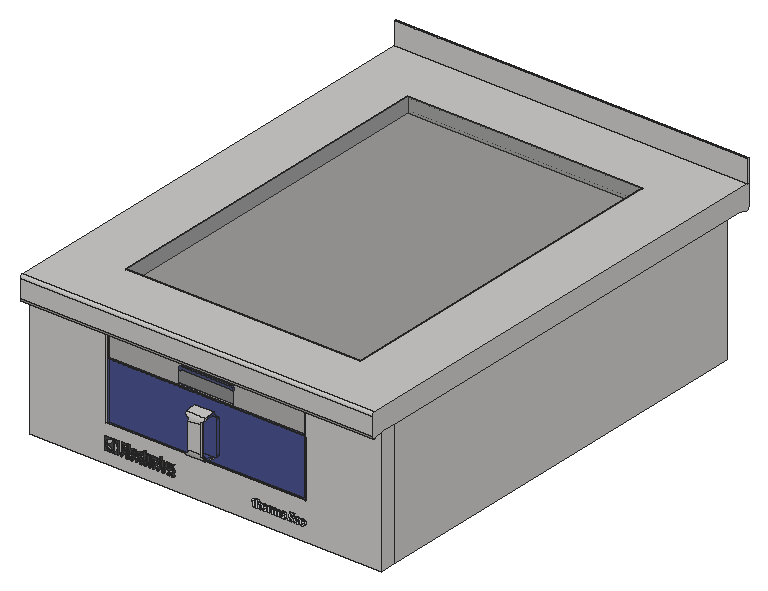
Revit family "QF_ELECTROLUXPROFESSIONAL_588337_MARAABFOBO", category Attrezzature speciali, Revit 2020
Family settings
  Quota connettore circolare = Usa diametro
  Tipo di parte = Normale
  Basato su piano di lavoro = No
  Sempre verticale = Sì
  Taglio con vuoti quando caricato = No
  Condiviso = No
  Punto di calcolo locali = No
Parameters (values of type "Standard")
  Weight = 30.00 kg
  Watts = 550 W
  Volts = 230 V
  URL Manufacturer = "https://www.electroluxprofessional.com/"
  URL = "https://www.electroluxprofessional.com/"
  Steam Supply Size = 0"
  Steam Supply Minimum Pressure = 0.00 psi
  Steam Supply Maximum Pressure = 0.00 psi
  Steam Consumption per Hour = 0
  Refrigeration Suction Line Size = 0 mm
  Refrigeration Liquid Line Size = 0 mm
  Refrigerant Compressor Remote = yes
  Prospetto di default = 0 mm
  Phase = 1
  Modello = "MARAABFOBO"
  Produttore = "Electrolux Professional"
  Length Actual = 600 mm  # constant formula
  Item Number = "588337"
  Hot Water Size = 0"
  Height Actual = 250 mm  # constant formula
  HP = "0.7 HP"
  Gas Size = 0"
  Gas KW = 0
  Gas Input Pressure = 0.0 Btu/h
  Direct Waste Size = 0"
  Descrizione = "EL.WARMING PLATE,1S,BS,600X800X250H"
  Depth Actual = 800 mm  # constant formula
  Cycle = 50 Hz
  Condensate Return Size = 0"
  Compressed Air Volume = 0 GPM
  Compressed Air Size = 0"
  Compressed Air Pressure = 0.00 psi
  Cold Water Size = 0"
  Accessory = yes
Reference planes
  plane 1 "BACK": y = 0
  plane 2: z = 0
  plane 3 "LEFT": x = 0
  plane 4 "RIGHT": x = 600
  plane 5 "FRONT": y = -800
  plane 6 "TOP": z = 900
  plane 7 "Center (Left/Right)": x = 300
  plane 8: y = -400
  plane 9: y = -150
  plane 10: x = 100
  plane 11: x = 500
  plane 12: y = -100
  plane 13: y = -700
  plane 14 "EIx": x = 555
  plane 15 "EIy": y = -585
  plane 16: z = 938
  plane 17 "BaseTop": z = 650
  plane 18: y = -755
Forms (mm)
  Extrusion 1, solid, material "QF_Finishes_Stainless Steel"
    sketch origin (-178.969, -4572, 100) x (-1, 0, 0) y (0, -1, 0)
      loop
        line (-178.969, -4527) -> (-178.969, -3817) -> (-778.969, -3817) -> (-778.969, -4527) -> (-178.969, -4527)
    from 550 to 762.969
  Extrusion 2, solid, material "QF_Finishes_Stainless Steel"
    sketch origin (0, 0, 650) x (-1, 0, 0) y (0, -1, 0)
      loop
        circle (-555, 585) r 6.35
    from 0 to -11.851
  Extrusion 3, solid, material "QF_Finishes_Stainless Steel"
    sketch origin (300, 296.4, 1219.2) x (0, 1, 0) y (0, 0, 1)
      loop
        line (-296.4, -319.2) -> (-1091.4, -319.2)
        arc (-1091.4, -319.2) -> (-1094.935, -320.664) -> (-1096.4, -324.2) r 5
        line (-1096.4, -324.2) -> (-1096.4, -355.2)
        arc (-1096.4, -355.2) -> (-1094.971, -358.264) -> (-1091.705, -359.139) r 4
        line (-1091.705, -359.139) -> (-1076.4, -356.231) -> (-316.4, -356.231) -> (-301.094, -359.139)
        arc (-301.094, -359.139) -> (-297.829, -358.264) -> (-296.4, -355.2) r 4
        line (-296.4, -355.2) -> (-296.4, -319.2)
    from -300 to 300
  Extrusion 4, solid, material "QF_Finishes_Electrolux_Black Smoke Iluminated"
    sketch origin (0, 0, 900) x (-1, 0, 0) y (0, -1, 0)
      loop
        line (-100, 100) -> (-100, 700) -> (-500, 700) -> (-500, 100) -> (-100, 100)
    from 1 to -20
  Extrusion 5, void
    sketch origin (0, 0, 900) x (-1, 0, 0) y (0, -1, 0)
      loop
        line (-100, 700) -> (-500, 700) -> (-500, 100) -> (-100, 100) -> (-100, 700)
    from 0 to -25
  Extrusion 6, solid, material "QF_Finishes_Stainless Steel"
    sketch origin (300, 296.4, 1219.2) x (0, 1, 0) y (0, 0, 1)
      loop
        line (-296.4, -319.2) -> (-296.4, -281.2) -> (-298.4, -281.2) -> (-298.4, -319.2) -> (-296.4, -319.2)
    from 300 to -300
Cuts and joins
  Extrusion 5 cuts Extrusion 3
Lines and regions (mm)
  symbolic lines
    curve 1: line (0, 0, 100) -> (600, 0, 100)
    curve 2: line (0, -800, 100) -> (0, 0, 100)
    curve 3: line (600, -800, 100) -> (0, -800, 100)
    curve 4: line (600, 0, 100) -> (600, -800, 100)
    curve 5: line (100, -700, 0) -> (500, -700, 0)
    curve 6: line (500, -700, 0) -> (500, -100, 0)
    curve 7: line (500, -100, 0) -> (100, -100, 0)
    curve 8: line (100, -100, 0) -> (100, -700, 0)
    curve 9: line (0, -2, 0) -> (1000, -2, 0)
Dimensions and locks
  plane 3 "LEFT" to plane 4 "RIGHT" = 600 mm
  locked: plane 5 "FRONT" to plane 1 "BACK" at 800
  equal spacing: plane 3 "LEFT", plane 7 "Center (Left/Right)", plane 4 "RIGHT"
  equal spacing: plane 5 "FRONT", plane 8, plane 1 "BACK"
  plane 6 "TOP" to level = 900 mm  (x2)
  plane 1 "BACK" to plane 9 = 150 mm
  plane 1 "BACK" to Extrusion 2 = 585 mm
  locked: plane 14 "EIx" to plane 4 "RIGHT" at 45
  locked: plane 15 "EIy" to plane 1 "BACK" at 585
  plane 16 to plane 6 "TOP" = 38 mm
  locked: plane 12 to plane 1 "BACK" at 100
  locked: plane 5 "FRONT" to plane 13 at 100
  plane 3 "LEFT" to plane 10 = 100 mm
  plane 11 to plane 4 "RIGHT" = 100 mm
  locked: plane 6 "TOP" to plane 17 "BaseTop" at 250
  locked: plane 18 to plane 5 "FRONT" at 45
  aligned and locked: level to plane 2
  aligned and locked: cut or joined group of Extrusion 3, Extrusion 5 to plane 3 "LEFT"
  aligned and locked: cut or joined group of Extrusion 3, Extrusion 5 to plane 4 "RIGHT"
  aligned and locked: Extrusion 5 sketch curve to plane 10
  aligned and locked: plane 12 to Extrusion 5 sketch curve
  aligned and locked: plane 11 to Extrusion 5 sketch curve
  aligned and locked: Extrusion 5 sketch curve to plane 13
  aligned and locked: plane 12 to Extrusion 4 sketch curve
  aligned and locked: Extrusion 4 sketch curve to plane 10
  aligned and locked: Extrusion 4 sketch curve to plane 13
  aligned and locked: plane 11 to Extrusion 4 sketch curve
  aligned and locked: nested 1 to plane 18
  aligned and locked: Extrusion 1 to plane 18
  aligned and locked: Extrusion 6 to plane 3 "LEFT"
  aligned and locked: Extrusion 6 to plane 4 "RIGHT"
  aligned and locked: plane 3 "LEFT" to nested 1
Automatic sketch dimensions
  Extrusion 3 sketch curve to plane 5 "FRONT" = 0 mm
  Extrusion 3 sketch curve to plane 6 "TOP" = 0 mm
  Extrusion 3 sketch curve to plane 1 "BACK" = 0 mm
  Extrusion 3 sketch curve to plane 5 "FRONT" = 4 mm
  Extrusion 3 sketch curve to Extrusion 3 sketch curve = 0.695 mm
  Extrusion 3 sketch curve to plane 5 "FRONT" = 5 mm
  Extrusion 3 sketch curve to Extrusion 3 sketch curve = 15.305 mm
  plane 1 "BACK" to Extrusion 3 sketch curve = 20 mm
  plane 1 "BACK" to Extrusion 3 sketch curve = 4.695 mm
  Extrusion 3 sketch curve to Extrusion 3 sketch curve = 4 mm
  Extrusion 3 sketch curve to Extrusion 3 sketch curve = 31 mm
  Extrusion 3 sketch curve to plane 6 "TOP" = 36 mm
  Extrusion 3 sketch curve to Extrusion 3 sketch curve = 2.909 mm
  Extrusion 1 sketch curve to plane 4 "RIGHT" = 0 mm
  Extrusion 1 sketch curve to plane 3 "LEFT" = 0 mm
  plane 1 "BACK" to Extrusion 1 sketch curve = 45 mm
  plane 1 "BACK" to curve 1 = 0 mm
  curve 1 to plane 4 "RIGHT" = 0 mm
  curve 2 to plane 3 "LEFT" = 0 mm
  plane 5 "FRONT" to curve 3 = 0 mm
  curve 5 to plane 10 = 0 mm
  curve 5 to plane 11 = 0 mm
  plane 13 to curve 6 = 0 mm
  plane 12 to curve 6 = 0 mm
  Extrusion 2 sketch curve to plane 14 "EIx" = 0 mm
  Extrusion 2 sketch curve to plane 15 "EIy" = 0 mm
  Extrusion 1 sketch curve to plane 5 "FRONT" = 45 mm
  Extrusion 6 sketch curve to plane 6 "TOP" = 0 mm
  Extrusion 6 sketch curve to plane 16 = 0 mm
  Extrusion 6 sketch curve to plane 1 "BACK" = 0 mm
  Extrusion 6 sketch curve to Extrusion 6 sketch curve = 2 mm
  radius of Extrusion 2 sketch curve = 6.35 mm
Nested families
  nested 1: "Front_Panel_W600_1 Knob" at (102.376, -755, 0), type "Front_Panel_W600_1 Knob"
Connectors
  electrical at (555, -585, 638.149)
    settings: on Extrusion 2, index 1, voltage 400 V, apparent load 33000 VA, apparent load phase1 0 VA, apparent load phase2 0 VA, apparent load phase3 0 VA, power factor 1, load classification "Other", number of poles 1, system type 30, power factor state 1, is connector primary yes, connector utility no, sub classification motor no, connector description "ELECTRICAL CONNECTION"
Definition of nested family "Front_Panel_W600_1 Knob"
  Parameters
    Width = 600 mm
    Default Elevation = 0 mm
  Reference planes
    plane 1 "Center (Front/Back)": y = 0
    plane 2: z = 0
    plane 3 "Center (Left/Right)": x = 197.624
    plane 4 "Left": x = -102.376
    plane 5 "Right": x = 497.624
    plane 6: y = -45
    plane 7: y = -25
    plane 8: x = 367.624
    plane 9: x = 27.624
  Forms (mm)
    Extrusion 1, solid
      sketch origin (833.217, 829.203, -1.25) x (0, 1, 0) y (0, 0, 1)
        loop
          line (-854.203, 651.25) -> (-829.203, 651.25) -> (-829.203, 864.25) -> (-854.203, 864.25) -> (-854.203, 651.25)
      from -935.593 to -335.593
    Extrusion 2, void
      sketch origin (0, 0, 0) x (1, 0, 0) y (0, 0, 1)
        loop
          line (27.624, 853.866) -> (27.624, 711.866) -> (367.624, 711.866) -> (367.624, 853.866) -> (27.624, 853.866)
      from 19.387 to 33.951
  Cuts and joins
    Extrusion 2 cuts Extrusion 1
  Dimensions and locks
    equal spacing: plane 5 "Right", plane 3 "Center (Left/Right)", plane 4 "Left"
    "Width": plane 5 "Right" to plane 4 "Left"
    aligned and locked: cut or joined group of Extrusion 1, Extrusion 2 to plane 4 "Left"
    aligned and locked: plane 5 "Right" to cut or joined group of Extrusion 1, Extrusion 2
    aligned and locked: plane 3 "Center (Left/Right)" to nested 1
    aligned and locked: cut or joined group of Extrusion 1, Extrusion 2 to nested 1
    aligned and locked: plane 9 to Extrusion 2 sketch curve
    aligned and locked: Extrusion 2 sketch curve to plane 8
    aligned and locked: plane 9 to cut or joined group of Extrusion 1, Extrusion 2
    aligned and locked: plane 8 to cut or joined group of Extrusion 1, Extrusion 2
    aligned and locked: plane 9 to nested 1
    aligned and locked: plane 8 to nested 1
    aligned and locked: nested 4 to plane 9
  Automatic sketch dimensions
    Extrusion 1 sketch curve to plane 1 "Center (Front/Back)" = 0 mm
    level to Extrusion 1 sketch curve = 650 mm
    level to Extrusion 2 sketch curve = 711.866 mm
    Extrusion 2 sketch curve to Extrusion 2 sketch curve = 142 mm
    Extrusion 1 sketch curve to plane 6 = 20 mm
    Extrusion 1 sketch curve to Extrusion 1 sketch curve = 213 mm
  Nested families
    nested 1: "Front glass control panel W340_1 Knob" at (197.624, 280.644, 2.752), type "Front glass control panel W340_1 Knob"
    nested 2: "Range Control Handle" at (197.624, -28.137, -209.113) x (-1, 0, 0) z (0, 0, 1), type "Range Control Handle"
    nested 3: "ELX_ThermaLine_Small" at (319.031, -25, 679.426) x (1, 0, 0) z (0, -1, 0), type "ELX_ThermaLine_Small"
      with Show Logo yes, Material_Logo none
    nested 4: "ELX_Professional_Logo_Small" at (87.11, -25, 681.659) x (1, 0, 0) z (0, -1, 0), type "ELX_Professional_Logo_Small"
      with Show Logo yes, Material_Logo none
  Definition of nested family "Front glass control panel W340_1 Knob"
    Parameters
      Default Elevation = 0 mm
    Reference planes
      plane 1 "Center (Front/Back)": y = 0
      plane 2: z = 0
      plane 3 "Center (Left/Right)": x = 0
    Forms (mm)
      Extrusion 1, solid
        sketch origin (378.286, 0, 0.617) x (1, 0, 0) y (0, 0, 1)
          loop
            line (-548.286, 806.791) -> (-548.286, 708.497) -> (-208.286, 708.497) -> (-208.286, 806.791) -> (-548.286, 806.791)
        from 300.031 to 304.8
      Extrusion 2, solid
        sketch origin (378.286, 0, 0.617) x (1, 0, 0) y (0, 0, 1)
          loop
            line (-548.286, 850.497) -> (-548.286, 806.791) -> (-208.286, 806.791) -> (-208.286, 850.497) -> (-548.286, 850.497)
        from 300.031 to 304.8
      Extrusion 3, void
        sketch origin (378.286, 0, 0.617) x (1, 0, 0) y (0, 0, 1)
          loop
            line (-545.628, 847.565) -> (-545.628, 710.699) -> (-211.196, 710.699) -> (-211.196, 847.565) -> (-545.628, 847.565)
        from 303.697 to 304.8
      Extrusion 4, solid
        sketch origin (308.309, 1.101, -0.633) x (1, 0, 0) y (0, 0, 1)
          loop
            line (-261.431, 812.62) -> (-261.431, 834.177) -> (-266.24, 834.177) -> (-268.039, 835.977) -> (-348.469, 835.977) -> (-350.269, 834.177) -> (-355.186, 834.177) -> (-355.186, 812.62) -> (-261.431, 812.62)
        from 304.798 to 306.745
      Extrusion 5, solid
        sketch origin (308.309, 1.101, -0.633) x (1, 0, 0) y (0, 0, 1)
          loop
            line (-350.269, 834.177) -> (-348.469, 835.977) -> (-268.039, 835.977) -> (-266.24, 834.177) -> (-261.529, 834.177)
            arc (-261.529, 834.177) -> (-262.706, 838.752) -> (-266.98, 840.763) r 5.549
            line (-266.98, 840.763) -> (-349.686, 840.763)
            arc (-349.686, 840.763) -> (-353.942, 838.747) -> (-355.078, 834.177) r 5.5
            line (-355.078, 834.177) -> (-350.269, 834.177)
        from 304.798 to 306.745
    Cuts and joins
      Extrusion 3 cuts Extrusion 1
      Extrusion 3 cuts Extrusion 2
    Dimensions and locks
      equal spacing: cut or joined group of Extrusion 2, Extrusion 3, plane 3 "Center (Left/Right)", cut or joined group of Extrusion 2, Extrusion 3
      cut or joined group of Extrusion 2, Extrusion 3 to cut or joined group of Extrusion 2, Extrusion 3 = 340 mm
      aligned and locked: Extrusion 1 to Extrusion 2
      aligned and locked: Extrusion 5 to Extrusion 4
    Automatic sketch dimensions
      Extrusion 1 sketch curve to plane 3 "Center (Left/Right)" = 170 mm
      plane 3 "Center (Left/Right)" to Extrusion 1 sketch curve = 170 mm
      level to Extrusion 1 sketch curve = 709.114 mm
      Extrusion 1 sketch curve to Extrusion 1 sketch curve = 98.294 mm
      Extrusion 2 sketch curve to plane 3 "Center (Left/Right)" = 170 mm
      plane 3 "Center (Left/Right)" to Extrusion 2 sketch curve = 170 mm
      level to Extrusion 2 sketch curve = 807.408 mm
      Extrusion 2 sketch curve to Extrusion 2 sketch curve = 43.706 mm
      Extrusion 3 sketch curve to plane 3 "Center (Left/Right)" = 167.342 mm
      plane 3 "Center (Left/Right)" to Extrusion 3 sketch curve = 167.091 mm
      level to Extrusion 3 sketch curve = 711.316 mm
      Extrusion 3 sketch curve to Extrusion 3 sketch curve = 136.866 mm
      Extrusion 4 sketch curve to plane 3 "Center (Left/Right)" = 46.877 mm
      Extrusion 4 sketch curve to Extrusion 4 sketch curve = 4.917 mm
      Extrusion 4 sketch curve to Extrusion 4 sketch curve = 1.8 mm  (x3)
      plane 3 "Center (Left/Right)" to Extrusion 4 sketch curve = 40.269 mm
      Extrusion 4 sketch curve to Extrusion 4 sketch curve = 4.809 mm
      level to Extrusion 4 sketch curve = 811.987 mm
      Extrusion 4 sketch curve to Extrusion 4 sketch curve = 21.557 mm  (x2)
      Extrusion 5 sketch curve to plane 3 "Center (Left/Right)" = 46.769 mm
      Extrusion 5 sketch curve to Extrusion 5 sketch curve = 4.809 mm
      Extrusion 5 sketch curve to Extrusion 5 sketch curve = 0.583 mm
      Extrusion 5 sketch curve to Extrusion 5 sketch curve = 1.217 mm
      plane 3 "Center (Left/Right)" to Extrusion 5 sketch curve = 40.269 mm
      Extrusion 5 sketch curve to Extrusion 5 sketch curve = 1.059 mm
      Extrusion 5 sketch curve to Extrusion 5 sketch curve = 0.741 mm
      Extrusion 5 sketch curve to Extrusion 5 sketch curve = 4.711 mm
      level to Extrusion 5 sketch curve = 833.543 mm
      Extrusion 5 sketch curve to Extrusion 5 sketch curve = 0 mm
      Extrusion 5 sketch curve to Extrusion 5 sketch curve = 1.037 mm
      Extrusion 5 sketch curve to Extrusion 5 sketch curve = 0.714 mm
  Definition of nested family "Range Control Handle"
    Parameters
      Default Elevation = 0 mm
    Reference planes
      plane 1 "Center (Front/Back)": y = 0
      plane 2: z = 0
      plane 3 "Center (Left/Right)": x = 0
      plane 4: z = 971.092
      plane 5: y = -16.9
    Forms (mm)
      Extrusion 1, solid
        sketch origin (-746.28, 380.497, 208.931) x (-1, 0, 0) y (0, 0, 1)
          loop
            line (-770.101, 786.798) -> (-770.101, 731.649)
            arc (-770.101, 731.649) -> (-769.759, 730.563) -> (-768.855, 729.87) r 1.893
            line (-768.855, 729.87) -> (-763.474, 727.911) -> (-729.81, 727.911) -> (-724.428, 729.87)
            arc (-724.428, 729.87) -> (-723.525, 730.563) -> (-723.183, 731.649) r 1.893
            line (-723.183, 731.649) -> (-723.183, 786.798)
            arc (-723.183, 786.798) -> (-723.529, 787.894) -> (-724.44, 788.593) r 1.91
            line (-724.44, 788.593) -> (-729.683, 790.819) -> (-763.601, 790.819) -> (-768.844, 788.593)
            arc (-768.844, 788.593) -> (-769.755, 787.894) -> (-770.101, 786.798) r 1.91
        from -382.35 to -378.852
      Sweep 2, solid
        path origin (-746.788, 380.496, 208.091) x (0, -1, 0) y (0, 0, 1)
          loop
            line (379.775, 793.281) -> (395.661, 791.048)
            arc (395.661, 791.048) -> (397.781, 787.377) -> (398.517, 783.202) r 12.207
            line (398.517, 783.202) -> (398.517, 737.368)
            arc (398.517, 737.368) -> (397.781, 733.193) -> (395.661, 729.522) r 12.207
            line (395.661, 729.522) -> (379.775, 727.289)
        profile origin (-746.788, -7.222, 1000.256) x (0, -0.139173, 0.990268) y (-1, 0, 0)
          loop
            line (0.782, -763.123) -> (0.782, -730.907) -> (-1.322, -730.907) -> (-1.322, -763.123) -> (0.782, -763.123)
      Sweep 3, solid
        path origin (-746.788, 380.715, 207.832) x (0, -1, 0) y (0, 0, 1)
          loop
            line (380.478, 795.442) -> (397.218, 793.09)
            arc (397.218, 793.09) -> (399.929, 788.473) -> (400.871, 783.202) r 15.207
            line (400.871, 783.202) -> (400.871, 737.584)
            arc (400.871, 737.584) -> (399.914, 732.274) -> (397.164, 727.633) r 15.207
            line (397.164, 727.633) -> (380.601, 725.305)
        profile origin (-746.788, -8.132, 1002.099) x (0, -0.139173, 0.990268) y (-1, 0, 0)
          loop
            line (0.782, -763.123) -> (0.782, -730.907) -> (-1.322, -730.907) -> (-1.322, -763.123) -> (0.782, -763.123)
      Extrusion 4, void
        sketch origin (889.253, 220.666, 207.993) x (1, 0, 0) y (0, 0, 1)
          loop
            line (-943.038, 816.854) -> (-943.038, 703.686) -> (-899.466, 734.196) -> (-899.466, 786.344) -> (-943.038, 816.854)
        from 230.636 to 242.25
      Extrusion 5, void
        sketch origin (-888.8, 220.666, 207.993) x (-1, 0, 0) y (0, 0, -1)
          loop
            line (-943.038, -816.854) -> (-899.466, -786.344) -> (-899.466, -734.196) -> (-943.038, -703.686) -> (-943.038, -816.854)
        from 230.636 to 242.25
      Extrusion 6, solid
        sketch origin (0, 0, 0) x (1, 0, 0) y (0, 0, 1)
          loop
            circle (0, 971.092) r 7.736
        from -3.137 to -1.645
    Cuts and joins
      Extrusion 4, Extrusion 5 cuts Sweep 3
      Extrusion 4, Extrusion 5 cuts Sweep 2
      joined: Extrusion 1, Extrusion 6
    Lines and regions (mm)
      symbolic lines
        curve 1: line (16.334, -16.9, 0) -> (16.334, -19.227, 0)
        curve 2: spline (16.334, -19.227, 0) -> (15.87, -19.385, 0) -> (15.404, -19.536, 0) -> (14.936, -19.678, 0) -> (14.466, -19.813, 0) -> (13.995, -19.94, 0) -> (13.523, -20.059, 0) -> (13.049, -20.171, 0) -> (12.575, -20.274, 0) -> (12.099, -20.37, 0) -> (11.622, -20.458, 0) -> (11.144, -20.537, 0) -> (10.666, -20.609, 0)
        curve 3: line (10.666, -16.9, 0) -> (10.666, -20.938, 0)
        curve 4: line (-10.213, -20.938, 0) -> (10.666, -20.938, 0)
        curve 5: line (-10.213, -20.938, 0) -> (-10.213, -16.9, 0)
        curve 6: spline (-10.213, -20.609, 0) -> (-10.691, -20.537, 0) -> (-11.169, -20.458, 0) -> (-11.646, -20.37, 0) -> (-12.122, -20.274, 0) -> (-12.597, -20.171, 0) -> (-13.07, -20.059, 0) -> (-13.542, -19.94, 0) -> (-14.013, -19.813, 0) -> (-14.483, -19.678, 0) -> (-14.951, -19.536, 0) -> (-15.417, -19.385, 0) -> (-15.881, -19.227, 0)
        curve 7: line (-15.881, -19.227, 0) -> (-15.881, -16.9, 0)
  Definition of nested family "ELX_ThermaLine_Small"
    Parameters
      Show Logo [instance] = yes
      Material_Logo [instance] = none
      Default Elevation = 0 mm
    Reference planes
      plane 1 "Centro (Fronte/Retro)": y = 0
      plane 2: z = 0
      plane 3 "Centro (Sinistra/Destra)": x = 0
    Forms (mm)
      Extrusion 1, solid
        sketch origin (0, 0, 0) x (1, 0, 0) y (0, 1, 0)
          loop
            line (-1219.2, 1219.2) -> (-1219.2, -1219.2) -> (1219.2, -1219.2) -> (1219.2, 1219.2) -> (-1219.2, 1219.2)
        from 0 to -304.8
      Extrusion 2, solid
        sketch origin (0, 0, 0) x (1, 0, 0) y (0, 1, 0)
          loop
            line (-37.494, 1.229) -> (-35.908, 1.229) -> (-35.908, 3.066) -> (-37.494, 3.066) -> (-37.494, 6.221) -> (-39.867, 4.881) -> (-39.867, 3.066) -> (-40.969, 3.066) -> (-40.969, 1.229) -> (-39.867, 1.229) -> (-39.867, -3.407)
            arc (-39.867, -3.407) -> (-38.982, -5.513) -> (-36.751, -6.001) r 2.478
            line (-36.751, -6.001) -> (-35.638, -5.7) -> (-35.9, -3.835) -> (-36.661, -4.039)
            arc (-36.661, -4.039) -> (-37.236, -3.924) -> (-37.494, -3.399) r 0.662
            line (-37.494, -3.399) -> (-37.494, 1.229)
          loop
            line (-34.242, 6.539) -> (-34.242, -5.848) -> (-31.854, -5.848) -> (-31.854, -0.078)
            arc (-31.854, -0.078) -> (-30.939, 1.249) -> (-29.33, 1.367) r 1.866
            arc (-29.33, 1.367) -> (-28.695, 0.768) -> (-28.461, -0.073) r 1.627
            line (-28.461, -0.073) -> (-28.461, -5.848) -> (-26.086, -5.848) -> (-26.064, -0.46)
            arc (-26.064, -0.46) -> (-26.261, 0.932) -> (-26.786, 2.237) r 5.825
            arc (-26.786, 2.237) -> (-29.381, 3.264) -> (-31.854, 1.971) r 3.353
            line (-31.854, 1.971) -> (-31.854, 6.539) -> (-34.242, 6.539)
          loop
            arc (-18.398, -0.598) -> (-18.893, 0.879) -> (-20.326, 1.487) r 1.897
            arc (-20.326, 1.487) -> (-21.461, 0.708) -> (-21.897, -0.598) r 2.164
            line (-21.897, -0.598) -> (-18.398, -0.598)
          loop
            arc (-16.021, -2.044) -> (-16.754, 1.227) -> (-19.444, 3.226) r 4.814
            arc (-19.444, 3.226) -> (-22.137, 2.788) -> (-23.943, 0.743) r 4.054
            arc (-23.943, 0.743) -> (-24.382, -1.249) -> (-24.162, -3.276) r 6.289
            arc (-24.162, -3.276) -> (-23.302, -4.71) -> (-21.958, -5.705) r 4.28
            arc (-21.958, -5.705) -> (-18.558, -5.814) -> (-16.152, -3.409) r 4.28
            line (-16.152, -3.409) -> (-18.5, -2.995)
            arc (-18.5, -2.995) -> (-19.273, -3.994) -> (-20.533, -4.076) r 1.536
            arc (-20.533, -4.076) -> (-21.56, -3.281) -> (-21.958, -2.044) r 2.197
            line (-21.958, -2.044) -> (-16.021, -2.044)
          loop
            line (-14.165, -5.848) -> (-11.819, -5.848) -> (-11.819, -2.138)
            arc (-11.819, -2.138) -> (-11.787, -1.156) -> (-11.637, -0.185) r 8.18
            arc (-11.637, -0.185) -> (-10.644, 0.972) -> (-9.132, 0.776) r 1.603
            line (-9.132, 0.776) -> (-8.419, 2.846)
            arc (-8.419, 2.846) -> (-10.432, 3.118) -> (-11.994, 1.821) r 2.527
            line (-11.994, 1.821) -> (-11.994, 3.094) -> (-14.165, 3.094) -> (-14.165, -5.848)
          loop
            line (-7.579, 3.094) -> (-7.579, -5.848) -> (-5.178, -5.848) -> (-5.178, -0.756)
            arc (-5.178, -0.756) -> (-4.727, 0.679) -> (-3.417, 1.419) r 2.05
            arc (-3.417, 1.419) -> (-2.499, 0.908) -> (-2.155, -0.085) r 1.471
            line (-2.155, -0.085) -> (-2.155, -5.848) -> (0.23, -5.848) -> (0.23, -1.001)
            arc (0.23, -1.001) -> (0.47, 0.127) -> (1.148, 1.061) r 2.775
            arc (1.148, 1.061) -> (2.225, 1.329) -> (3.05, 0.587) r 1.182
            arc (3.05, 0.587) -> (3.199, -0.019) -> (3.214, -0.642) r 2.894
            line (3.214, -0.642) -> (3.214, -5.848) -> (5.601, -5.848) -> (5.601, 0.261)
            arc (5.601, 0.261) -> (4.87, 2.263) -> (2.976, 3.241) r 2.932
            arc (2.976, 3.241) -> (1.284, 2.973) -> (-0.047, 1.896) r 3.309
            arc (-0.047, 1.896) -> (-1.116, 2.865) -> (-2.506, 3.258) r 3.16
            arc (-2.506, 3.258) -> (-4.105, 2.942) -> (-5.376, 1.92) r 3.419
            line (-5.376, 1.92) -> (-5.376, 3.094) -> (-7.579, 3.094)
          loop
            line (7.583, 0.738) -> (9.702, 0.364)
            arc (9.702, 0.364) -> (11.441, 1.492) -> (12.855, -0.023) r 1.613
            line (12.855, -0.023) -> (9.782, -0.789)
            arc (9.782, -0.789) -> (8.559, -1.346) -> (7.617, -2.305) r 3.687
            arc (7.617, -2.305) -> (7.499, -3.681) -> (7.901, -5.003) r 3.651
            arc (7.901, -5.003) -> (9.107, -5.766) -> (10.515, -6.006) r 3.635
            arc (10.515, -6.006) -> (11.898, -5.697) -> (13.067, -4.895) r 3.734
            line (13.067, -4.895) -> (13.376, -5.848) -> (15.75, -5.848) -> (15.212, -4.193) -> (15.212, 0.38)
            arc (15.212, 0.38) -> (14.897, 1.849) -> (13.818, 2.895) r 2.585
            arc (13.818, 2.895) -> (11.792, 3.442) -> (9.719, 3.11) r 5.005
            arc (9.719, 3.11) -> (8.369, 2.178) -> (7.583, 0.738) r 3.54
          loop
            line (19.723, -5.848) -> (22.233, -5.848) -> (24.854, 6.484) -> (22.345, 6.484) -> (19.723, -5.848)
          loop
            line (24.583, -5.848) -> (26.953, -5.848) -> (28.848, 3.066) -> (26.478, 3.066) -> (24.583, -5.848)
          loop
            line (27.204, 6.484) -> (26.741, 4.305) -> (29.111, 4.305) -> (29.575, 6.484) -> (27.204, 6.484)
          loop
            line (29.355, -5.848) -> (31.849, -5.848) -> (33.098, 0.028)
            arc (33.098, 0.028) -> (34.169, 1.306) -> (35.832, 1.422) r 2.132
            arc (35.832, 1.422) -> (36.324, 0.752) -> (36.383, -0.078) r 1.5
            line (36.383, -0.078) -> (35.157, -5.848) -> (37.536, -5.848) -> (38.936, 0.738)
            arc (38.936, 0.738) -> (38.775, 2.091) -> (37.825, 3.066) r 2.118
            arc (37.825, 3.066) -> (35.392, 3.175) -> (33.295, 1.937) r 4.271
            line (33.295, 1.937) -> (33.535, 3.066) -> (31.25, 3.066) -> (29.355, -5.848)
          loop
            line (42.792, -0.64) -> (46.589, -0.64)
            arc (46.589, -0.64) -> (46.639, 0.124) -> (46.327, 0.823) r 1.589
            arc (46.327, 0.823) -> (45.117, 1.521) -> (43.762, 1.183) r 1.865
            arc (43.762, 1.183) -> (43.141, 0.344) -> (42.792, -0.64) r 3.538
          loop
            line (42.565, -2.138) -> (48.593, -2.138)
            arc (48.593, -2.138) -> (48.58, 0.597) -> (46.983, 2.818) r 4.494
            arc (46.983, 2.818) -> (44.191, 3.28) -> (41.725, 1.891) r 4.26
            arc (41.725, 1.891) -> (40.503, -0.3) -> (40.284, -2.799) r 6.003
            arc (40.284, -2.799) -> (40.959, -4.468) -> (42.377, -5.576) r 3.482
            arc (42.377, -5.576) -> (44.265, -5.961) -> (46.152, -5.576) r 4.823
            arc (46.152, -5.576) -> (47.432, -4.731) -> (48.328, -3.485) r 4.245
            line (48.328, -3.485) -> (46.168, -3.105)
            arc (46.168, -3.105) -> (45.214, -4.072) -> (43.859, -4.181) r 1.953
            arc (43.859, -4.181) -> (42.821, -3.408) -> (42.565, -2.138) r 1.81
          loop
            line (12.868, -1.553) -> (10.216, -2.214)
            arc (10.216, -2.214) -> (9.747, -3.136) -> (10.216, -4.058) r 1.14
            arc (10.216, -4.058) -> (11.537, -4.249) -> (12.614, -3.46) r 1.763
            arc (12.614, -3.46) -> (12.858, -2.522) -> (12.868, -1.553) r 3.97
        from 0 to 1.6
    Dimensions and locks
      aligned and locked: plane 2 to Extrusion 1
      aligned and locked: level to Extrusion 1
  Definition of nested family "ELX_Professional_Logo_Small"
    Parameters
      Show Logo [instance] = yes
      Material_Logo [instance] = none
      Default Elevation = 0 mm
    Reference planes
      plane 1 "Centro (Fronte/Retro)": y = 0
      plane 2: z = 0
      plane 3 "Centro (Sinistra/Destra)": x = 0
    Forms (mm)
      Extrusion 1, solid
        sketch origin (0, 0, 0) x (1, 0, 0) y (0, 1, 0)
          loop
            line (-1219.2, 1219.2) -> (-1219.2, -1219.2) -> (1219.2, -1219.2) -> (1219.2, 1219.2) -> (-1219.2, 1219.2)
        from 0 to -304.8
      Extrusion 2, solid, material <- "Material_Logo"
        sketch origin (15.5, 0, 0) x (1, 0, 0) y (0, 1, 0)
          loop
            spline (-42.99, -1.24) -> (-43.195, -1.231) -> (-43.415, -1.203) -> (-43.642, -1.152) -> (-43.87, -1.074) -> (-44.095, -0.966) -> (-44.309, -0.825) -> (-44.506, -0.647) -> (-44.681, -0.429) -> (-44.828, -0.167) -> (-44.94, 0.142) -> (-45.011, 0.501) -> (-45.037, 0.915)
            line (-45.037, 0.915) -> (-45.037, 2.748) -> (-38.984, 2.748) -> (-38.984, 5.086) -> (-45.038, 5.086) -> (-45.038, 8.489) -> (-38.599, 8.489) -> (-38.599, 10.82) -> (-47.515, 10.82) -> (-47.515, 1.021)
            spline (-47.515, 1.021) -> (-47.493, 0.418) -> (-47.425, -0.15) -> (-47.311, -0.682) -> (-47.15, -1.175) -> (-46.939, -1.628) -> (-46.678, -2.038) -> (-46.365, -2.404) -> (-46, -2.723) -> (-45.58, -2.995) -> (-45.105, -3.216) -> (-44.573, -3.385) -> (-43.983, -3.499)
            line (-43.983, -3.499) -> (-43.01, -3.569) -> (-38.426, -3.569) -> (-38.426, -1.24) -> (-42.99, -1.24)
          loop
            line (-36.666, 4.021) -> (-36.666, -3.573) -> (-34.188, -3.573) -> (-34.188, 10.824) -> (-36.666, 10.824) -> (-36.666, 4.021)
          loop
            spline (-21.915, 1.897) -> (-21.957, 2.615) -> (-22.082, 3.303) -> (-22.285, 3.955) -> (-22.563, 4.564) -> (-22.913, 5.124) -> (-23.331, 5.629) -> (-23.814, 6.074) -> (-24.359, 6.451) -> (-24.961, 6.755) -> (-25.618, 6.98) -> (-26.326, 7.119) -> (-27.081, 7.167)
            spline (-27.081, 7.167) -> (-27.853, 7.122) -> (-28.586, 6.99) -> (-29.275, 6.774) -> (-29.915, 6.478) -> (-30.5, 6.104) -> (-31.024, 5.657) -> (-31.483, 5.138) -> (-31.871, 4.553) -> (-32.182, 3.904) -> (-32.411, 3.194) -> (-32.552, 2.427) -> (-32.6, 1.606)
            spline (-32.6, 1.606) -> (-32.553, 0.805) -> (-32.416, 0.057) -> (-32.193, -0.637) -> (-31.887, -1.271) -> (-31.504, -1.843) -> (-31.048, -2.35) -> (-30.523, -2.788) -> (-29.934, -3.154) -> (-29.284, -3.444) -> (-28.579, -3.656) -> (-27.822, -3.785) -> (-27.019, -3.829)
            spline (-27.019, -3.829) -> (-26.627, -3.82) -> (-26.239, -3.79) -> (-25.856, -3.739) -> (-25.477, -3.663) -> (-25.103, -3.562) -> (-24.734, -3.432) -> (-24.369, -3.273) -> (-24.01, -3.082) -> (-23.655, -2.858) -> (-23.305, -2.597) -> (-22.96, -2.299) -> (-22.621, -1.962)
            line (-22.621, -1.962) -> (-24.114, -0.509)
            spline (-24.114, -0.509) -> (-24.311, -0.699) -> (-24.509, -0.872) -> (-24.71, -1.03) -> (-24.915, -1.172) -> (-25.126, -1.297) -> (-25.346, -1.407) -> (-25.576, -1.5) -> (-25.817, -1.576) -> (-26.072, -1.636) -> (-26.342, -1.678) -> (-26.629, -1.704) -> (-26.936, -1.713)
            spline (-26.936, -1.713) -> (-27.384, -1.691) -> (-27.805, -1.625) -> (-28.196, -1.518) -> (-28.556, -1.372) -> (-28.882, -1.187) -> (-29.174, -0.966) -> (-29.429, -0.71) -> (-29.645, -0.422) -> (-29.821, -0.102) -> (-29.955, 0.247) -> (-30.045, 0.623) -> (-30.089, 1.026)
            line (-30.089, 1.026) -> (-21.956, 1.026) -> (-21.915, 1.897)
          loop
            spline (-24.446, 2.769) -> (-24.47, 3.075) -> (-24.54, 3.37) -> (-24.654, 3.65) -> (-24.807, 3.913) -> (-24.996, 4.156) -> (-25.219, 4.376) -> (-25.472, 4.57) -> (-25.753, 4.736) -> (-26.057, 4.869) -> (-26.382, 4.968) -> (-26.724, 5.03) -> (-27.081, 5.051)
            spline (-27.081, 5.051) -> (-27.464, 5.03) -> (-27.832, 4.97) -> (-28.183, 4.872) -> (-28.513, 4.74) -> (-28.819, 4.577) -> (-29.099, 4.384) -> (-29.347, 4.165) -> (-29.563, 3.923) -> (-29.742, 3.659) -> (-29.881, 3.377) -> (-29.977, 3.079) -> (-30.027, 2.769)
            line (-30.027, 2.769) -> (-24.446, 2.769)
          loop
            spline (-18.167, 1.669) -> (-18.138, 2.13) -> (-18.055, 2.567) -> (-17.921, 2.978) -> (-17.739, 3.358) -> (-17.512, 3.705) -> (-17.243, 4.016) -> (-16.937, 4.287) -> (-16.596, 4.517) -> (-16.223, 4.7) -> (-15.823, 4.835) -> (-15.398, 4.919) -> (-14.951, 4.947)
            spline (-14.951, 4.947) -> (-14.677, 4.938) -> (-14.414, 4.913) -> (-14.162, 4.871) -> (-13.921, 4.812) -> (-13.69, 4.738) -> (-13.467, 4.649) -> (-13.254, 4.544) -> (-13.048, 4.424) -> (-12.85, 4.291) -> (-12.659, 4.143) -> (-12.474, 3.981) -> (-12.295, 3.806)
            line (-12.295, 3.806) -> (-10.76, 5.403)
            spline (-10.76, 5.403) -> (-11.065, 5.709) -> (-11.38, 5.984) -> (-11.703, 6.228) -> (-12.035, 6.443) -> (-12.375, 6.63) -> (-12.723, 6.788) -> (-13.078, 6.92) -> (-13.44, 7.026) -> (-13.809, 7.107) -> (-14.184, 7.164) -> (-14.564, 7.198) -> (-14.951, 7.209)
            spline (-14.951, 7.209) -> (-15.725, 7.161) -> (-16.467, 7.02) -> (-17.169, 6.792) -> (-17.826, 6.482) -> (-18.43, 6.096) -> (-18.976, 5.637) -> (-19.455, 5.112) -> (-19.862, 4.525) -> (-20.19, 3.882) -> (-20.433, 3.189) -> (-20.584, 2.449) -> (-20.635, 1.669)
            spline (-20.635, 1.669) -> (-20.584, 0.889) -> (-20.433, 0.149) -> (-20.19, -0.545) -> (-19.862, -1.187) -> (-19.455, -1.774) -> (-18.976, -2.299) -> (-18.43, -2.758) -> (-17.826, -3.145) -> (-17.169, -3.454) -> (-16.467, -3.682) -> (-15.725, -3.823) -> (-14.951, -3.871)
            spline (-14.951, -3.871) -> (-14.564, -3.86) -> (-14.184, -3.826) -> (-13.809, -3.77) -> (-13.44, -3.689) -> (-13.078, -3.583) -> (-12.723, -3.451) -> (-12.375, -3.292) -> (-12.035, -3.105) -> (-11.703, -2.89) -> (-11.38, -2.646) -> (-11.065, -2.371) -> (-10.76, -2.066)
            line (-10.76, -2.066) -> (-12.295, -0.468)
            spline (-12.295, -0.468) -> (-12.474, -0.643) -> (-12.659, -0.805) -> (-12.85, -0.953) -> (-13.048, -1.087) -> (-13.254, -1.206) -> (-13.467, -1.311) -> (-13.69, -1.4) -> (-13.921, -1.475) -> (-14.162, -1.533) -> (-14.414, -1.575) -> (-14.677, -1.6) -> (-14.951, -1.609)
            spline (-14.951, -1.609) -> (-15.398, -1.581) -> (-15.823, -1.497) -> (-16.223, -1.362) -> (-16.596, -1.179) -> (-16.937, -0.95) -> (-17.243, -0.678) -> (-17.512, -0.367) -> (-17.739, -0.02) -> (-17.921, 0.36) -> (-18.055, 0.771) -> (-18.138, 1.208) -> (-18.167, 1.669)
          loop
            spline (-4.441, -1.243) -> (-4.659, -1.247) -> (-4.894, -1.23) -> (-5.137, -1.19) -> (-5.384, -1.121) -> (-5.628, -1.021) -> (-5.864, -0.884) -> (-6.084, -0.708) -> (-6.283, -0.488) -> (-6.454, -0.219) -> (-6.592, 0.101) -> (-6.69, 0.478) -> (-6.742, 0.914)
            line (-6.742, 0.914) -> (-6.742, 4.587) -> (-4.487, 4.587) -> (-4.487, 6.838) -> (-6.738, 6.838) -> (-6.738, 10.824) -> (-9.217, 10.824) -> (-9.217, 0.773)
            spline (-9.217, 0.773) -> (-9.164, 0.19) -> (-9.068, -0.358) -> (-8.928, -0.87) -> (-8.742, -1.343) -> (-8.511, -1.777) -> (-8.232, -2.168) -> (-7.904, -2.515) -> (-7.527, -2.816) -> (-7.098, -3.069) -> (-6.618, -3.273) -> (-6.084, -3.426) -> (-5.496, -3.525)
            line (-5.496, -3.525) -> (-4.45, -3.573) -> (-4.441, -1.243)
          loop
            spline (3.898, 6.983) -> (3.469, 7.009) -> (3.056, 7.001) -> (2.661, 6.961) -> (2.283, 6.888) -> (1.925, 6.785) -> (1.588, 6.652) -> (1.272, 6.49) -> (0.979, 6.301) -> (0.71, 6.085) -> (0.465, 5.844) -> (0.247, 5.578) -> (0.056, 5.289)
            line (0.056, 5.289) -> (0.056, 6.838) -> (-2.402, 6.838) -> (-2.402, -3.572) -> (0.056, -3.572) -> (0.056, 1.901)
            spline (0.056, 1.901) -> (0.079, 2.316) -> (0.145, 2.703) -> (0.254, 3.06) -> (0.404, 3.386) -> (0.592, 3.679) -> (0.818, 3.938) -> (1.08, 4.162) -> (1.375, 4.348) -> (1.703, 4.495) -> (2.062, 4.602) -> (2.45, 4.668) -> (2.865, 4.69)
            line (2.865, 4.69) -> (3.898, 4.586) -> (3.898, 6.983)
          loop
            spline (15.638, 1.633) -> (15.586, 2.396) -> (15.435, 3.124) -> (15.192, 3.81) -> (14.863, 4.449) -> (14.455, 5.034) -> (13.975, 5.56) -> (13.43, 6.021) -> (12.826, 6.411) -> (12.17, 6.724) -> (11.469, 6.955) -> (10.729, 7.098) -> (9.958, 7.147)
            spline (9.958, 7.147) -> (9.182, 7.098) -> (8.44, 6.955) -> (7.737, 6.724) -> (7.081, 6.411) -> (6.477, 6.021) -> (5.933, 5.56) -> (5.454, 5.034) -> (5.048, 4.449) -> (4.721, 3.81) -> (4.479, 3.124) -> (4.329, 2.396) -> (4.277, 1.633)
            spline (4.277, 1.633) -> (4.329, 0.869) -> (4.479, 0.141) -> (4.721, -0.544) -> (5.048, -1.183) -> (5.454, -1.768) -> (5.933, -2.294) -> (6.477, -2.755) -> (7.081, -3.145) -> (7.737, -3.459) -> (8.44, -3.69) -> (9.182, -3.833) -> (9.958, -3.882)
            spline (9.958, -3.882) -> (10.729, -3.833) -> (11.469, -3.69) -> (12.17, -3.459) -> (12.826, -3.145) -> (13.43, -2.755) -> (13.975, -2.294) -> (14.455, -1.768) -> (14.863, -1.183) -> (15.192, -0.544) -> (15.435, 0.141) -> (15.586, 0.869) -> (15.638, 1.633)
          loop
            spline (13.18, 1.633) -> (13.151, 2.083) -> (13.067, 2.513) -> (12.932, 2.918) -> (12.748, 3.296) -> (12.52, 3.642) -> (12.251, 3.954) -> (11.943, 4.227) -> (11.601, 4.459) -> (11.228, 4.645) -> (10.828, 4.782) -> (10.403, 4.867) -> (9.958, 4.896)
            spline (9.958, 4.896) -> (9.509, 4.867) -> (9.081, 4.782) -> (8.679, 4.645) -> (8.306, 4.459) -> (7.964, 4.227) -> (7.658, 3.954) -> (7.39, 3.642) -> (7.163, 3.296) -> (6.981, 2.918) -> (6.847, 2.513) -> (6.765, 2.083) -> (6.736, 1.633)
            spline (6.736, 1.633) -> (6.765, 1.182) -> (6.847, 0.753) -> (6.981, 0.347) -> (7.163, -0.031) -> (7.39, -0.377) -> (7.658, -0.689) -> (7.964, -0.962) -> (8.306, -1.193) -> (8.679, -1.38) -> (9.081, -1.517) -> (9.509, -1.602) -> (9.958, -1.631)
            spline (9.958, -1.631) -> (10.403, -1.602) -> (10.828, -1.517) -> (11.228, -1.38) -> (11.601, -1.193) -> (11.943, -0.962) -> (12.251, -0.689) -> (12.52, -0.377) -> (12.748, -0.031) -> (12.932, 0.347) -> (13.067, 0.753) -> (13.151, 1.182) -> (13.18, 1.633)
          loop
            line (17.162, 4.269) -> (17.162, -3.573) -> (19.642, -3.573) -> (19.642, 10.824) -> (17.162, 10.824) -> (17.162, 4.269)
          loop
            line (28.581, 6.838) -> (28.581, 0.786)
            spline (28.581, 0.786) -> (28.561, 0.393) -> (28.503, 0.038) -> (28.409, -0.279) -> (28.281, -0.559) -> (28.122, -0.802) -> (27.933, -1.011) -> (27.717, -1.185) -> (27.476, -1.325) -> (27.213, -1.433) -> (26.929, -1.509) -> (26.626, -1.554) -> (26.308, -1.569)
            spline (26.308, -1.569) -> (25.99, -1.554) -> (25.688, -1.509) -> (25.404, -1.434) -> (25.141, -1.326) -> (24.9, -1.187) -> (24.684, -1.014) -> (24.496, -0.807) -> (24.336, -0.565) -> (24.209, -0.288) -> (24.115, 0.026) -> (24.057, 0.376) -> (24.037, 0.765)
            line (24.037, 0.765) -> (24.037, 6.838) -> (21.537, 6.838) -> (21.537, 0.558)
            spline (21.537, 0.558) -> (21.581, -0.153) -> (21.71, -0.8) -> (21.916, -1.384) -> (22.195, -1.904) -> (22.54, -2.362) -> (22.944, -2.757) -> (23.403, -3.09) -> (23.909, -3.362) -> (24.456, -3.572) -> (25.04, -3.722) -> (25.652, -3.811) -> (26.288, -3.841)
            spline (26.288, -3.841) -> (26.929, -3.811) -> (27.547, -3.72) -> (28.135, -3.568) -> (28.687, -3.355) -> (29.197, -3.079) -> (29.66, -2.741) -> (30.068, -2.341) -> (30.415, -1.877) -> (30.696, -1.349) -> (30.905, -0.757) -> (31.034, -0.101) -> (31.079, 0.621)
            line (31.079, 0.621) -> (31.079, 6.838) -> (28.581, 6.838)
          loop
            line (40.457, -0.243) -> (38.894, 1.942) -> (40.83, 4.579) -> (42.488, 6.837) -> (39.782, 6.837) -> (37.53, 3.719) -> (35.258, 6.837) -> (32.573, 6.837) -> (34.113, 4.731) -> (36.167, 1.922) -> (34.014, -1.076) -> (32.222, -3.573) -> (34.887, -3.573) -> (37.53, 0.104) -> (40.174, -3.573) -> (42.839, -3.573) -> (40.457, -0.243)
          loop
            line (-46.121, -5.837) -> (-48.039, -5.837) -> (-48.039, -10.814) -> (-47.016, -10.814) -> (-47.016, -9.128) -> (-46.121, -9.128)
            arc (-46.121, -9.128) -> (-44.476, -7.482) -> (-46.121, -5.837) r 1.645
          loop
            line (-46.163, -6.778) -> (-47.016, -6.778) -> (-47.016, -8.187) -> (-46.163, -8.187)
            arc (-46.163, -8.187) -> (-45.458, -7.482) -> (-46.163, -6.778) r 0.704
          loop
            line (-38.313, -5.837) -> (-40.265, -5.837) -> (-40.265, -10.814) -> (-39.241, -10.814) -> (-39.241, -9.1) -> (-38.46, -9.182) -> (-37.48, -10.814) -> (-36.318, -10.814) -> (-37.513, -8.848)
            arc (-37.513, -8.848) -> (-36.888, -8.266) -> (-36.671, -7.441) r 1.536
            arc (-36.671, -7.441) -> (-37.165, -6.305) -> (-38.313, -5.837) r 1.643
          loop
            arc (-38.402, -8.166) -> (-37.707, -7.505) -> (-38.334, -6.778) r 0.696
            line (-38.334, -6.778) -> (-39.241, -6.778) -> (-39.241, -8.166) -> (-38.402, -8.166)
          loop
            circle (-29.965, -8.325) r 2.585
          loop
            circle (-29.965, -8.325) r 1.64
          loop
            line (-23.1, -5.837) -> (-23.1, -10.814) -> (-22.076, -10.814) -> (-22.076, -8.768) -> (-20.204, -8.768) -> (-20.204, -7.828) -> (-22.076, -7.828) -> (-22.076, -6.778) -> (-20.024, -6.778) -> (-20.024, -5.837) -> (-23.1, -5.837)
          loop
            line (-15.802, -5.837) -> (-15.802, -9.2)
            arc (-15.802, -9.2) -> (-15.343, -10.34) -> (-14.209, -10.814) r 1.593
            line (-14.209, -10.814) -> (-12.602, -10.814) -> (-12.602, -10.027) -> (-14.004, -10.027)
            arc (-14.004, -10.027) -> (-14.552, -9.8) -> (-14.779, -9.252) r 0.775
            line (-14.779, -9.252) -> (-14.779, -8.424) -> (-12.789, -8.424) -> (-12.789, -7.642) -> (-14.779, -7.642) -> (-14.779, -6.778) -> (-12.651, -6.778) -> (-12.651, -5.837) -> (-15.802, -5.837)
          loop
            line (-5.909, -7.143) -> (-5.173, -6.638)
            arc (-5.173, -6.638) -> (-5.855, -5.974) -> (-6.781, -5.755) r 1.782
            arc (-6.781, -5.755) -> (-7.397, -5.878) -> (-7.944, -6.189) r 1.974
            arc (-7.944, -6.189) -> (-8.202, -6.5) -> (-8.317, -6.888) r 1.013
            arc (-8.317, -6.888) -> (-8.306, -7.341) -> (-8.192, -7.78) r 1.985
            arc (-8.192, -7.78) -> (-7.749, -8.259) -> (-7.171, -8.563) r 1.928
            arc (-7.171, -8.563) -> (-6.637, -8.779) -> (-6.131, -9.056) r 5.041
            arc (-6.131, -9.056) -> (-5.934, -9.387) -> (-6.09, -9.74) r 0.42
            arc (-6.09, -9.74) -> (-6.631, -9.96) -> (-7.204, -9.845) r 1.016
            arc (-7.204, -9.845) -> (-7.625, -9.603) -> (-7.889, -9.196) r 1.033
            line (-7.889, -9.196) -> (-8.67, -9.686)
            arc (-8.67, -9.686) -> (-8.361, -10.198) -> (-7.908, -10.589) r 1.914
            arc (-7.908, -10.589) -> (-7.334, -10.834) -> (-6.714, -10.896) r 2.063
            arc (-6.714, -10.896) -> (-5.947, -10.743) -> (-5.256, -10.376) r 2.696
            arc (-5.256, -10.376) -> (-4.95, -9.565) -> (-5.108, -8.712) r 1.618
            arc (-5.108, -8.712) -> (-5.448, -8.319) -> (-5.884, -8.035) r 1.876
            arc (-5.884, -8.035) -> (-6.434, -7.789) -> (-6.999, -7.577) r 9.883
            arc (-6.999, -7.577) -> (-7.325, -7.07) -> (-6.854, -6.694) r 0.45
            arc (-6.854, -6.694) -> (-6.329, -6.809) -> (-5.909, -7.143) r 1.197
          loop
            line (1.61, -7.143) -> (2.345, -6.638)
            arc (2.345, -6.638) -> (1.663, -5.974) -> (0.737, -5.755) r 1.782
            arc (0.737, -5.755) -> (0.121, -5.878) -> (-0.425, -6.189) r 1.974
            arc (-0.425, -6.189) -> (-0.683, -6.5) -> (-0.799, -6.888) r 1.013
            arc (-0.799, -6.888) -> (-0.788, -7.341) -> (-0.674, -7.78) r 1.985
            arc (-0.674, -7.78) -> (-0.231, -8.259) -> (0.347, -8.563) r 1.928
            arc (0.347, -8.563) -> (0.881, -8.779) -> (1.387, -9.056) r 5.041
            arc (1.387, -9.056) -> (1.584, -9.387) -> (1.428, -9.74) r 0.42
            arc (1.428, -9.74) -> (0.887, -9.96) -> (0.314, -9.845) r 1.016
            arc (0.314, -9.845) -> (-0.107, -9.603) -> (-0.371, -9.196) r 1.033
            line (-0.371, -9.196) -> (-1.152, -9.686)
            arc (-1.152, -9.686) -> (-0.842, -10.198) -> (-0.39, -10.589) r 1.914
            arc (-0.39, -10.589) -> (0.184, -10.834) -> (0.804, -10.896) r 2.063
            arc (0.804, -10.896) -> (1.572, -10.743) -> (2.263, -10.376) r 2.696
            arc (2.263, -10.376) -> (2.568, -9.565) -> (2.411, -8.712) r 1.618
            arc (2.411, -8.712) -> (2.07, -8.319) -> (1.635, -8.035) r 1.876
            arc (1.635, -8.035) -> (1.084, -7.789) -> (0.519, -7.577) r 9.883
            arc (0.519, -7.577) -> (0.193, -7.07) -> (0.665, -6.694) r 0.45
            arc (0.665, -6.694) -> (1.189, -6.809) -> (1.61, -7.143) r 1.197
          loop
            line (6.801, -5.837) -> (6.801, -10.814) -> (7.825, -10.814) -> (7.825, -5.837) -> (6.801, -5.837)
          loop
            circle (14.724, -8.325) r 1.548
          loop
            circle (14.724, -8.325) r 2.585
          loop
            line (21.59, -10.814) -> (22.623, -10.814) -> (22.623, -7.685) -> (24.9, -10.814) -> (25.895, -10.814) -> (25.895, -5.837) -> (24.861, -5.837) -> (24.861, -9.061) -> (22.585, -5.837) -> (21.59, -5.837) -> (21.59, -10.814)
          loop
            line (31.054, -10.814) -> (31.539, -9.74) -> (33.38, -9.74) -> (33.865, -10.814) -> (34.965, -10.814) -> (32.46, -5.837) -> (29.956, -10.814) -> (31.054, -10.814)
          loop
            line (32.46, -7.698) -> (31.999, -8.719) -> (32.921, -8.719) -> (32.46, -7.698)
          loop
            line (40.047, -9.873) -> (40.047, -5.837) -> (39.024, -5.837) -> (39.024, -10.814) -> (41.961, -10.814) -> (41.961, -9.873) -> (40.047, -9.873)
          loop
            line (-74.986, -10.814) -> (-53.322, -10.814) -> (-53.322, 10.82) -> (-74.986, 10.82) -> (-74.986, -10.814)
          loop
            line (-61.261, 9.758) -> (-61.261, -9.707)
            arc (-61.261, -9.707) -> (-54.066, 0.025) -> (-61.261, 9.758) r 10.18
          loop
            line (-62.251, 8.349) -> (-62.251, 9.758)
            arc (-62.251, 9.758) -> (-70.347, 7.918) -> (-74.247, 0.59) r 9.976
            line (-74.247, 0.59) -> (-71.026, 0.59)
            arc (-71.026, 0.59) -> (-65.274, 2.925) -> (-62.251, 8.349) r 9.351
          loop
            arc (-74.247, -0.539) -> (-70.353, -7.928) -> (-62.251, -9.957) r 10.237
            line (-62.251, -9.957) -> (-62.251, -8.298)
            arc (-62.251, -8.298) -> (-65.274, -2.874) -> (-71.026, -0.539) r 9.351
            line (-71.026, -0.539) -> (-74.247, -0.539)
        from 0 to 1.644
    Dimensions and locks
      aligned and locked: plane 2 to Extrusion 1
      aligned and locked: level to Extrusion 1
